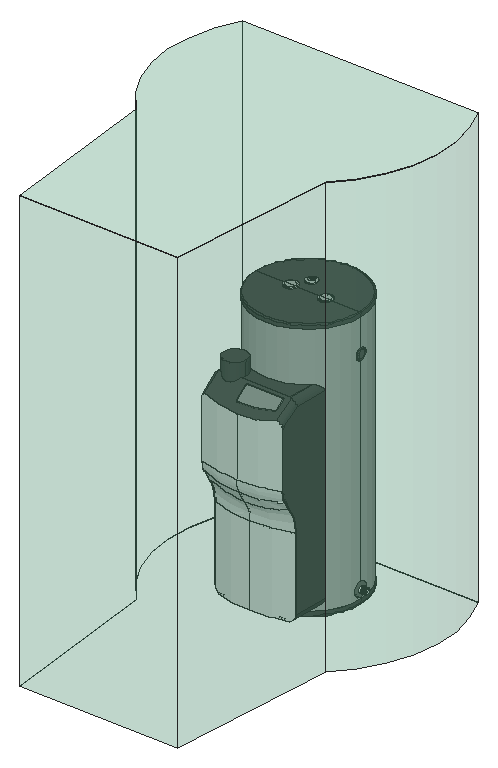
Revit family "Innovo BEFR_IR 32 245 BEFR NAT", category Mechanical Equipment, Revit 2015
Parameters (values of type "IR-32-245 BEFR NAT")
  largeur d'emballage = 786 mm  # constant formula
  l'Intervalle d'Entretien = "12 mois"  # constant formula
  Workspace Radius = Diameter + 170 mm  # 780 mm
  Workspace Height = Hauteur + 1000 mm  # 2545 mm
  Workspace Front Distance = 1000 mm
  Workspace [instance] = yes
  Valve Height 02 = if(and(Hauteur = 1745 mm, Diameter = 675 mm), 1518 mm, if(and(Hauteur = 1745 mm, Diameter = 610 mm), 1534 mm, if(Hauteur = 1545 mm, 1328 mm, 1070 mm)))  # 1328 mm
  Valve Height 01 = if(and(Diameter > 560 mm), 693 mm, 604 mm)  # 693 mm
  Valeur Maximale du Thermostat de Régulation = 85 °C  # constant formula
  Valeur Manimale du Thermostat de Régulation = 40 °C  # constant formula
  Valeur Défaut du Thermostat de Régulation = 65 °C  # constant formula
  URL = "www.aosmith.be"
  Type d'Installation = "B23/C13/C33/C43/C53/C63"  # constant formula
  Type d'emballage = "Carton et bois"  # constant formula
  Tension d'Alimentation (-15%, +10%) = 230 V  # constant formula
  Température Maximale des Fumées = 65 °C
  Temps de réchauffement à ΔT = 70°C = "31"
  Temps de réchauffement à ΔT = 55°C = "24"
  Temps de réchauffement à ΔT = 50°C = "22"
  Temps de réchauffement à ΔT = 44°C = "20"
  Temps de réchauffement à ΔT = 28°C = "13"
  Spécifications du Produit = ""
  Réglages du thermostat du chauffe-eau = 65 °C  # constant formula
  Réglage Standard Pour = "G31"
  Rendement Saisonnier (Hs) = [Rendement (Hs, acc. NEN-EN 89 - 1999)]  # 95
  Rendement (Hs, acc. NEN-EN 89 - 1999) = 95
  Rendement (Hi, acc. NEN-EN 89 - 1999) = 106
  Raccord Évacuation de la Condensation = 40 mm  # constant formula
  Raccord de la Soupape de Vidange = 1"
  Raccord de Sortie d'Eau Chaude = 1"
  Raccord de Gaz = 15"  # constant formula
  Raccord d'Alimentation en Eau Froide = 3/4"  # constant formula
  Raccord Robinet de Vidange = 3/4"  # constant formula
  Puissance Électrique Absorbée (sommet) = 105 W
  Puissance Électrique Absorbée (nominal) = 85 W
  Profondeur d'emballage = 946 mm  # constant formula
  Profondeur = 780 mm  # constant formula
  Profils de soutirage déclaré = "XXL"
  Production Nominale = "30100.0"
  Pression de Fonctionnement Maximale = 800000.0 Pa  # constant formula
  Pression Différentielle d'Ouverture de l'Interrupteur de Pression < = 210.0 Pa
  Pression Amont de Gaz = "3700 Pa"
  Precaustions during assembling, installation or maintenance = "voir Manuel d'installation, d'emploi er d'entretien"  # constant formula
  Poids à vide = 120 kg
  Poids de Transport = 136 kg
  Phase = 1
  Pertes en Veille - tous les jours (24h) = 0 W
  Pertes en Veille = 0 W
  Nombre de modèle du produit (EAN) = "8717449286262"
  Niveau du Son dB (A) = "<45"  # constant formula
  Niveau de puissance acoustique à l'intérieur = "58 dB"
  NOx-émissions mg/kWh = "37"
  NOx-émissions (ven air, 0% O2) ppm = "23"
  Modèdele = "IR-32-245"
  Model = "IR-32-325 FR LP"
  Marque commerciale = "A.O. Smith"  # constant formula
  Manufacturer = "A.O. Smith Water Products Company b.v."  # constant formula
  Largeur = Diameter  # 610 mm
  La commande intelligente = no
  L'efficacité énergétique pour le chauffage de l'eau (2) = "-"
  L'efficacité énergétique pour le chauffage de l'eau (1) = "92%"
  Hauteur du Raccordement au Gaz = 920 mm
  Hauteur de la Sortie d'eau Chaude = 1545 mm
  Hauteur de l'Alimentation en eau Froide = 170 mm
  Hauteur d'emballage = 1695 mm
  Hauteur Conduit d'Évacuation des Fumées = 1345 mm
  Hauteur Conduit d'Alimentation en Air = 1345 mm
  Hauteur = 1545 mm
  Guide de Produit = ""
  Garantie sur la Cuve = "36 mois"  # constant formula
  Garantie Pièces = "12 mois"  # constant formula
  Fréquence secteur = 50 Hz  # constant formula
  Forctionner qu'en heures creuses = no
  Fabricant No. = "E 7110"  # constant formula
  Epaisseur d'Isolation = 44 mm
  Débit de vidage à ΔT = 70°C après 90 min. = 710.0 L
  Débit de vidage à ΔT = 70°C après 60 min. = 520.0 L
  Débit de vidage à ΔT = 70°C après 30 min. = 330.0 L
  Débit de vidage à ΔT = 70°C après 120 min. = 900.0 L
  Débit de vidage à ΔT = 55°C après 90 min. = 930.0 L
  Débit de vidage à ΔT = 55°C après 60 min. = 690.0 L
  Débit de vidage à ΔT = 55°C après 30 min. = 440.0 L
  Débit de vidage à ΔT = 55°C après 120 min. = 1200.0 L
  Débit de vidage à ΔT = 50°C après 90 min. = 1100.0 L
  Débit de vidage à ΔT = 50°C après 60 min. = 760.0 L
  Débit de vidage à ΔT = 50°C après 30 min. = 500.0 L
  Débit de vidage à ΔT = 50°C après 120 min. = 1300.0 L
  Débit de vidage à ΔT = 44°C après 90 min. = 1200.0 L
  Débit de vidage à ΔT = 44°C après 60 min. = 870.0 L
  Débit de vidage à ΔT = 44°C après 30 min. = 570.0 L
  Débit de vidage à ΔT = 44°C après 120 min. = 1500.0 L
  Débit de vidage à ΔT = 28°C après 90 min. = 1900.0 L
  Débit de vidage à ΔT = 28°C après 60 min. = 1400.0 L
  Débit de vidage à ΔT = 28°C après 30 min. = 930.0 L
  Débit de vidage à ΔT = 28°C après 120 min. = 2400.0 L
  Débit de vidage en Continu à ΔT = 70°C = 380.0 L/s
  Débit de vidage en Continu à ΔT = 55°C = 480.0 L/s
  Débit de vidage en Continu à ΔT = 50°C = 530.0 L/s
  Débit de vidage en Continu à ΔT = 44°C = 600.0 L/s
  Débit de vidage en Continu à ΔT = 28°C = 960.0 L/s
  Diamètre Cheminée - Système Parallèle = "2x80"  # constant formula
  Diamètre Cheminée - Système Concentrique = "80/125 mm/mm"  # constant formula
  Diamètre Cheminée - Boiler = "80/125 mm/mm"  # constant formula
  Diameter = 610 mm
  Destination / Country = "Belgique"  # constant formula
  Description = "Préparateur ECS Solaire en Combinaison avec Réservoir de Stockage"  # constant formula
  D'autres profils de soutirage = "-"
  Created By = "http://www.cadcompany.nl/"
  Consommation de Gaz - Volume ltr/hr = "a/p"
  Consommation de Gaz - Masse kg/h = "2.3"
  Class d'efficacité énergétique (2) = "-"
  Class d'efficacité énergétique (1) = "A"  # constant formula
  Charge Nominale (Valeur Supérieure) = "31500.0"
  Charge Nominale (Valeur Inférieure) = "29000.0"
  Charge Maximale au Sol = 381 kg
  Catégorie de Gaz = "I3P"
  Capacité = 245.0 L
  CO2 Émissions (tol. +/- 1.0) vol% = "10.0"
  CE-PIN = "0063CQ3037"  # constant formula
  BIM Content Developer = "CAD & Company"  # constant formula
  Assembly Code = "D3010"
  Annual fuel consumption (2) = "-"
  Annual fuel consumption (1) = "21 GJ GCV"
  Annual electricity consumption (2) = "-"
  Annual electricity consumption (1) = "44 kWh"
  2ème Entretien (Entretien Général) = "12 mois après l'installation"  # constant formula
  1er Entretien (check-up) = "3 mois après l'installation"  # constant formula
Reference planes
  plane 1 "Center (Front/Back)": y = 0
  plane 2: z = 0
  plane 3 "Center (Left/Right)": x = 0
  plane 4 "Pipe": through (-383.901, 912.349, 194.799) normal (-0.0879, -0.0879, 0.9923)
  plane 5 "footing": y = 118.925
  plane 6 "footing front": y = -237.85
  plane 7: x = -305
  plane 8: x = 305
  plane 9: z = 1545
Forms (mm)
  Revolve 1, solid, material "RAL 9005", detail levels medium+fine
    sketch origin (0, -237.85, 0) x (-1, 0, 0) y (0, 0, 1)
      loop
        line (0, 28.9) -> (-15, 28.9) -> (-15, 26.4) -> (-8.671, 26.4) -> (-8.671, 18) -> (-5.686, 18) -> (-6.626, 17.06) -> (-6.626, 12.06) -> (-8.671, 12.06) -> (-8.671, 10) -> (-10.031, 10) -> (-23.271, 5.181)
        arc (-23.271, 5.181) -> (-23.763, 4.836) -> (-24.017, 4.293) r 1.159
        line (-24.017, 4.293) -> (-24.017, 1.03)
        arc (-24.017, 1.03) -> (-23.715, 0.302) -> (-22.986, 0) r 1.03
        line (-22.986, 0) -> (0, 0) -> (0, 28.9)
      axis (0, 28.9) -> (0, 0)
    angle from 0 to 360
  Revolve 2, solid, material "RAL 9005", detail levels medium+fine
    sketch origin (0, 118.925, 0) x (-1, 0, 0) y (0, 0, 1)
      loop
        line (-205.984, 28.9) -> (-220.984, 28.9) -> (-220.984, 26.4) -> (-214.655, 26.4) -> (-214.655, 18) -> (-211.67, 18) -> (-212.61, 17.06) -> (-212.61, 12.06) -> (-214.655, 12.06) -> (-214.655, 10) -> (-216.015, 10) -> (-229.256, 5.181)
        arc (-229.256, 5.181) -> (-229.747, 4.836) -> (-230.001, 4.293) r 1.159
        line (-230.001, 4.293) -> (-230.001, 1.03)
        arc (-230.001, 1.03) -> (-229.699, 0.302) -> (-228.971, 0) r 1.03
        line (-228.971, 0) -> (-205.984, 0) -> (-205.984, 28.9)
      axis (-205.984, 28.9) -> (-205.984, 0)
    angle from 0 to 360
  Revolve 3, solid, material "RAL 9005", detail levels medium+fine
    sketch origin (0, 118.925, 0) x (-1, 0, 0) y (0, 0, 1)
      loop
        line (204.016, 28.9) -> (189.016, 28.9) -> (189.016, 26.4) -> (195.345, 26.4) -> (195.345, 18) -> (198.33, 18) -> (197.39, 17.06) -> (197.39, 12.06) -> (195.345, 12.06) -> (195.345, 10) -> (193.985, 10) -> (180.744, 5.181)
        arc (180.744, 5.181) -> (180.253, 4.836) -> (179.999, 4.293) r 1.159
        line (179.999, 4.293) -> (179.999, 1.03)
        arc (179.999, 1.03) -> (180.301, 0.302) -> (181.029, 0) r 1.03
        line (181.029, 0) -> (204.016, 0) -> (204.016, 28.9)
      axis (204.016, 28.9) -> (204.016, 0)
    angle from 0 to 360
Lines and regions (mm)
  symbolic lines
    curve 1: line (0, 280.06, 0) -> (0, -280.06, 0)
    curve 2: line (-280.06, 0, 0) -> (280.06, 0, 0)
  symbolic lines, style "Workspace"
    curve 3: line (681.142, 380.06, 0) -> (-681.142, 380.06, 0)
    curve 4: arc (-681.142, 380.06, 0) -> (-777.325, -64.546, 0) -> (-609.127, -487.2, 0) r 780
    curve 5: line (-609.127, -487.2, 0) -> (-421.783, -1517.825, 0)
    curve 6: line (-421.783, -1517.825, 0) -> (424.03, -1517.825, 0)
    curve 7: line (424.03, -1517.825, 0) -> (611.027, -484.816, 0)
    curve 8: arc (611.027, -484.816, 0) -> (777.449, -63.027, 0) -> (681.142, 380.06, 0) r 780
Dimensions and locks
  plane 5 "footing" to plane 1 "Center (Front/Back)" = 118.925 mm
  plane 1 "Center (Front/Back)" to plane 6 "footing front" = 237.85 mm
  "Diameter": plane 7 to plane 8
  equal spacing: plane 7, plane 3 "Center (Left/Right)", plane 8
  "Hauteur": plane 9 to plane 2
  "Workspace Front Distance": curve 6 to nested 3
  "Workspace Radius": radius of curve 4
  "Workspace Radius": radius of curve 8
  aligned and locked: level to plane 2
  aligned and locked: nested 3 to Revolve 1 sketch curve
  aligned and locked: plane 3 "Center (Left/Right)" to Revolve 1 sketch curve
  aligned and locked: nested 3 to plane 1 "Center (Front/Back)"
  aligned and locked: plane 3 "Center (Left/Right)" to nested 3
  aligned and locked: nested 1 to plane 8
  aligned and locked: nested 5 to plane 8
  aligned and locked: nested 2 to plane 7
  aligned and locked: nested 4 to plane 7
  aligned and locked: nested 7 to plane 7
  aligned and locked: nested 8 to plane 3 "Center (Left/Right)"
  aligned and locked: plane 1 "Center (Front/Back)" to nested 8
  aligned and locked: nested 8 to nested 3
  aligned and locked: curve 3 to nested 8
Automatic sketch dimensions
  Revolve 1 sketch curve to level = 0 mm
  plane 3 "Center (Left/Right)" to Revolve 1 sketch curve = 5.686 mm
  Revolve 1 sketch curve to Revolve 1 sketch curve = 0.94 mm  (x2)
  Revolve 1 sketch curve to Revolve 1 sketch curve = 2.046 mm  (x2)
  Revolve 1 sketch curve to Revolve 1 sketch curve = 1.359 mm
  Revolve 1 sketch curve to Revolve 1 sketch curve = 6.329 mm
  level to Revolve 1 sketch curve = 4.091 mm
  Revolve 1 sketch curve to Revolve 1 sketch curve = 12.844 mm
  level to Revolve 1 sketch curve = 1.03 mm
  Revolve 1 sketch curve to Revolve 1 sketch curve = 0.111 mm
  level to Revolve 1 sketch curve = 5.181 mm
  Revolve 1 sketch curve to Revolve 1 sketch curve = 0.745 mm
  level to Revolve 1 sketch curve = 10 mm
  Revolve 1 sketch curve to Revolve 1 sketch curve = 2.06 mm
  Revolve 1 sketch curve to Revolve 1 sketch curve = 5 mm
  Revolve 1 sketch curve to Revolve 1 sketch curve = 8.4 mm
  Revolve 1 sketch curve to Revolve 1 sketch curve = 2.5 mm
  Revolve 1 sketch curve to level = 19.635 mm
  Revolve 1 sketch curve to Revolve 1 sketch curve = 46.465 mm
  Revolve 2 sketch curve to level = 0 mm
  level to Revolve 2 sketch curve = 1.03 mm
  Revolve 2 sketch curve to plane 8 = 74.999 mm
  level to Revolve 2 sketch curve = 5.181 mm
  Revolve 2 sketch curve to Revolve 2 sketch curve = 0.745 mm
  Revolve 2 sketch curve to Revolve 2 sketch curve = 0.397 mm
  Revolve 2 sketch curve to Revolve 2 sketch curve = 8.271 mm
  Revolve 2 sketch curve to Revolve 2 sketch curve = 13.241 mm
  Revolve 2 sketch curve to Revolve 2 sketch curve = 1.359 mm
  Revolve 2 sketch curve to Revolve 2 sketch curve = 6.329 mm
  Revolve 2 sketch curve to Revolve 2 sketch curve = 2.046 mm
  level to Revolve 2 sketch curve = 18 mm
  Revolve 2 sketch curve to Revolve 2 sketch curve = 0.94 mm  (x2)
  Revolve 2 sketch curve to Revolve 2 sketch curve = 8.671 mm
  Revolve 2 sketch curve to Revolve 2 sketch curve = 1.089 mm
  Revolve 2 sketch curve to Revolve 2 sketch curve = 8 mm
  Revolve 2 sketch curve to Revolve 2 sketch curve = 2.06 mm
  Revolve 2 sketch curve to Revolve 2 sketch curve = 8.4 mm
  Revolve 2 sketch curve to Revolve 2 sketch curve = 2.5 mm
  Revolve 2 sketch curve to Revolve 2 sketch curve = 0 mm
  Revolve 2 sketch curve to level = 19.635 mm
  Revolve 2 sketch curve to Revolve 2 sketch curve = 46.465 mm
  Revolve 3 sketch curve to level = 0 mm
  level to Revolve 3 sketch curve = 1.03 mm
  Revolve 3 sketch curve to plane 7 = 125.001 mm
  level to Revolve 3 sketch curve = 5.181 mm
  Revolve 3 sketch curve to Revolve 3 sketch curve = 0.745 mm
  Revolve 3 sketch curve to Revolve 3 sketch curve = 0.397 mm
  Revolve 3 sketch curve to Revolve 3 sketch curve = 8.271 mm
  Revolve 3 sketch curve to Revolve 3 sketch curve = 13.241 mm
  Revolve 3 sketch curve to Revolve 3 sketch curve = 1.359 mm
  Revolve 3 sketch curve to Revolve 3 sketch curve = 6.329 mm
  Revolve 3 sketch curve to Revolve 3 sketch curve = 2.046 mm
  level to Revolve 3 sketch curve = 18 mm
  Revolve 3 sketch curve to Revolve 3 sketch curve = 0.94 mm  (x2)
  Revolve 3 sketch curve to Revolve 3 sketch curve = 8.671 mm
  Revolve 3 sketch curve to Revolve 3 sketch curve = 1.089 mm
  Revolve 3 sketch curve to Revolve 3 sketch curve = 8 mm
  Revolve 3 sketch curve to Revolve 3 sketch curve = 2.06 mm
  Revolve 3 sketch curve to Revolve 3 sketch curve = 8.4 mm
  Revolve 3 sketch curve to Revolve 3 sketch curve = 2.5 mm
  Revolve 3 sketch curve to Revolve 3 sketch curve = 0 mm
  Revolve 3 sketch curve to level = 19.635 mm
  Revolve 3 sketch curve to Revolve 3 sketch curve = 46.465 mm
  curve 4 to curve 8 = 0 mm  (x2)
  plane 1 "Center (Front/Back)" to curve 2 = 0 mm
  curve 1 to plane 3 "Center (Left/Right)" = 0 mm
  plane 1 "Center (Front/Back)" to curve 4 = 0 mm
  curve 4 to plane 3 "Center (Left/Right)" = 0 mm
  curve 5 to plane 6 "footing front" = 249.35 mm
  plane 7 to curve 5 = 116.783 mm
  plane 8 to curve 7 = 119.03 mm
  curve 7 to plane 6 "footing front" = 246.966 mm
  curve 2 to plane 7 = 24.94 mm
  curve 2 to plane 8 = 24.94 mm
  curve 1 to plane 6 "footing front" = 42.21 mm
  plane 5 "footing" to curve 1 = 161.135 mm
Nested families
  nested 1: "Valve" at (305, -0.38, 1328) x (0, 1, 0) z (0, 0, 1), built-in parameter 1001364 <- "Valve Height 02", type "Valve"
  nested 2: "Drain Valve" at (-305, 0, 1328), built-in parameter 1001364 <- "Valve Height 02", type "Drain Valve"
  nested 3: "Housing Mother Housing S 57 (external)" at (0, -299.886, 0), type "Housing Mother_Housing S_57"
    with radius 305 mm, distance to boiler center 154 mm, diameter 610 mm
  nested 4: "Drain Valve" at (-305, 0, 177), type "Drain Valve"
  nested 5: "Drain Valve" at (305, 0, 107) x (-1, 0, 0) z (0, 0, 1), type "Drain Valve"
  nested 6: "Boiler" at (0, 0, 0), height <- "Hauteur", type "Boiler"
    with height 1545 mm, radius 305 mm, Diameter 610 mm
  nested 7: "Drain Valve" at (-305, 0, 693), built-in parameter 1001364 <- "Valve Height 01", type "Drain Valve"
  nested 8: "Innovo_workspace" at (0, 0, 0), Workspace <- "Workspace", Workspace Distance Front <- "Workspace Front Distance", Workspace Height <- "Workspace Height", Workspace Radius <- "Workspace Radius", type "Workspace"
    with Workspace Radius 780 mm, Workspace Height 2545 mm, Workspace Distance Front 1000 mm, Workspace yes, Center to Front 517.825 mm
Connectors
  piping at (339.826, 0, 107), diameter 19.05, driven by "Raccord Robinet de Vidange"
    settings: on nested 5, index 1, connector inside diameter 24", connector length 0 mm, flow factor 0, pipe flow 0.0 L/s, pressure drop 0.0 Pa, fitting loss kfactor 0, connector angle 0.00°, fixture units 0, engagement length 0 mm, angle of deflection 0.00°, flow configuration 0, flow direction 0, fitting loss method 0, system type 19, joint type 0, gender type 0, connector reference index -1, connector utility 0, adjustable connector no, is connector primary yes, connector description ""
  hvac at (-147.013, -346.326, 1310.674)
    settings: on nested 3, index 2, duct flow 0.0 L/s, flow factor 0, pres drop 0.0 Pa, loss coef 0, conn angle 0.00°, conn width 304.8 mm, conn height 304.8 mm, conn diameter 125 mm, duct sys type 4, conn prof type 0, flow config 0, flow direction 0, loss method 0, conn ref index -1, conn util no, is conn primary yes, conn desc ""
Definition of nested family "Valve"
  Parameters (values of type "Valve")
    Type Comments = "T&P valve (internal)"
    Manufacturer = "A.O. Smith"
  Reference planes
    plane 1 "Center (Front/Back)": y = 0
    plane 2: z = 0
    plane 3 "Center (Left/Right)": x = 0
  Forms (mm)
    Extrusion 1, solid, detail levels fine
      sketch origin (0, 0, 0) x (1, 0, 0) y (0, 0, 1)
        loop
          circle (0, 0) r 31.5
      from -2.271 to 1.4
    Sweep 2, solid, detail levels fine
      path origin (0, -1.4, 0) x (1, 0, 0) y (0, 0, 1)
        loop
          circle (0, 0) r 31.5
      profile origin (0, -1.4, 31.5) x (0, 0, -1) y (0, -1, 0)
        loop
          line (7.3, 0) -> (7.3, 3) -> (0, 0) -> (7.3, 0)
  Dimensions and locks
    aligned and locked: level to plane 2
Definition of nested family "Drain Valve"
  Reference planes
    plane 1 "Center (Front/Back)": y = 0
    plane 2: z = 0
    plane 3 "Center (Left/Right)": x = 0
  Forms (mm)
    Revolve 1, solid, detail levels medium+fine
      sketch origin (0, 0, 0) x (1, 0, 0) y (0, 0, 1)
        loop
          line (-33.442, 15.696) -> (-34.826, 14.329) -> (-34.93, 12.731) -> (-16.555, 12.731) -> (-16.555, 0) -> (15.787, 0) -> (15.787, 18.3) -> (-14.4, 18.3) -> (-17.148, 15.533) -> (-18.729, 16.697) -> (-20.091, 15.333) -> (-21.672, 16.496) -> (-23.034, 15.133) -> (-24.614, 16.296) -> (-25.976, 14.932) -> (-27.557, 16.096) -> (-28.919, 14.732) -> (-30.5, 15.896) -> (-31.862, 14.532) -> (-33.442, 15.696)
        axis (-34.93, 0) -> (15.787, 0)
      angle from 0 to 360
  Dimensions and locks
    aligned and locked: level to plane 2
  Nested families
    nested 1: "Rubber sealing" at (2.592, -0.155, 0) x (0.0023, -1, 0) z (0, 0, 1), type "Rubber sealing", detail levels fine
  Definition of nested family "Rubber sealing"
    Reference planes
      plane 1 "Center (Front/Back)": y = 0
      plane 2: z = 0
      plane 3 "Center (Left/Right)": x = 0
    Forms (mm)
      Extrusion 1, solid, detail levels fine
        sketch origin (141.861, 319.581, 0) x (1, 0, 0) y (0, 1, 0)
          loop
            line (-216.354, -311.898) -> (-216.354, -313.94)
            arc (-216.354, -313.94) -> (-141.602, -321.581) -> (-66.861, -313.835) r 366.966
            line (-66.861, -313.835) -> (-66.861, -311.791)
            arc (-66.861, -311.791) -> (-141.602, -319.581) -> (-216.354, -311.898) r 364.966
        from -80 to 80
      Extrusion 2, void
        sketch origin (141.861, 319.581, 0) x (1, 0, 0) y (0, 0, 1)
          loop
            circle (-141.861, 0) r 13
          loop
            circle (-141.861, 0) r 110
          loop
            circle (-141.861, 0) r 40
        from 311.563 to 332.684
      Extrusion 3, void
        sketch origin (141.861, 319.581, 0) x (1, 0, 0) y (0, 0, 1)
          loop
            circle (-141.861, 0) r 18.25
        from 315.524 to 326.084
    Cuts and joins
      Extrusion 2, Extrusion 3 cuts Extrusion 1
    Dimensions and locks
      aligned and locked: level to plane 2
Definition of nested family "Housing Mother Housing S 57 (external)"
  Parameters (values of type "Housing Mother_Housing S_57")
    radius [instance] = 280 mm
    distance to boiler center = if(diameter = 675 mm, 189 mm, if(diameter = 610 mm, 154 mm, 129 mm))  # 129 mm
    diameter = 560 mm
  Reference planes
    plane 1 "Center (Front/Back)": y = 0
    plane 2: z = 0
    plane 3 "Center (Left/Right)": x = 0
    plane 4 "left": through (-245.286, 145.886, 1200) normal (0.9994, 0.0349, 0)
    plane 5: y = -217.939
    plane 6: y = 145.886
    plane 7: z = 1232.6
    plane 8: z = 65.89
    plane 9 "right": through (245.286, 145.886, 1200) normal (0.9994, -0.0349, 0)
    plane 10 "display": through (0, -90.37, 1221.196) normal (0, -0.5736, 0.8192)
    plane 11 "Potentiostat": z = 867.899
    plane 12 "boiler center": y = 274.886
    plane 13: x = -280
    plane 14: x = 280
  Forms (mm)
    Extrusion 1, solid
      sketch origin (0, 0, 0) x (1, 0, 0) y (0, 1, 0)
        loop
          line (-245.286, 145.886) -> (-232.581, -217.939) -> (232.581, -217.939) -> (245.286, 145.886)
          arc (245.286, 145.886) -> (0, 0.923) -> (-245.286, 145.886) r 280
      from 0 to 1232.6
    Sweep 2, void
      path origin (0, 0, 0) x (0, 1, 0) y (0, 0, 1)
        loop
          line (-217.939, 1232.6) -> (-217.939, 795.555)
          arc (-217.939, 795.555) -> (-212.387, 754.285) -> (-197.694, 715.322) r 183.924
          arc (-197.694, 715.322) -> (-179.915, 684.628) -> (-159.106, 655.901) r 348.284
          arc (-159.106, 655.901) -> (-131.411, 600.328) -> (-121.88, 538.973) r 202.254
          line (-121.88, 538.973) -> (-121.88, 61.106)
      profile origin (0, -217.939, 1014.077) x (1, 0, 0) y (0, 1, 0)
        loop
          arc (0, 0) -> (-117.533, 9.941) -> (-231.728, 39.475) r 699.984
          arc (-231.728, 39.475) -> (-233.391, 40.705) -> (-234.07, 42.659) r 3.505
          line (-234.07, 42.659) -> (-254.062, 42.659) -> (-254.062, -142.593) -> (254.07, -142.593) -> (254.07, 42.659) -> (234.07, 42.659)
          arc (234.07, 42.659) -> (233.391, 40.705) -> (231.728, 39.475) r 3.505
          arc (231.728, 39.475) -> (117.533, 9.941) -> (0, 0) r 699.984
    Extrusion 3, void
      sketch origin (0, 0, 0) x (0, 1, 0) y (0, 0, 1)
        loop
          arc (102.864, 70.869) -> (99.804, 70.709) -> (96.874, 69.813) r 12.57
          arc (96.874, 69.813) -> (87.878, 66.533) -> (78.516, 64.529) r 69.114
          arc (78.516, 64.529) -> (76.41, 64.284) -> (74.294, 64.148) r 41.206
          arc (74.294, 64.148) -> (65.203, 64.335) -> (56.122, 64.782) r 318.661
          arc (56.122, 64.782) -> (30.585, 66.179) -> (5.028, 67.128) r 1456.581
          line (5.028, 67.128) -> (-84.534, 73.135)
          arc (-84.534, 73.135) -> (-86.363, 73.808) -> (-87.536, 75.365) r 3.455
          line (-87.536, 75.365) -> (-264.473, 75.365) -> (-264.473, 0) -> (160.886, 0) -> (160.886, 103.945) -> (145.886, 103.945)
          arc (145.886, 103.945) -> (145.104, 97.827) -> (142.923, 92.059) r 26.364
          arc (142.923, 92.059) -> (141.067, 88.936) -> (138.867, 86.045) r 31.715
          arc (138.867, 86.045) -> (135.576, 82.49) -> (132.021, 79.2) r 62.615
          arc (132.021, 79.2) -> (125.841, 74.697) -> (119.091, 71.103) r 54.444
          arc (119.091, 71.103) -> (116.371, 70.272) -> (113.531, 70.123) r 11.669
          line (113.531, 70.123) -> (102.864, 70.869)
      from -254.062 to 254.07
    Sweep 4, void
      path origin (0, 0, 0) x (1, 0, 0) y (0, 1, 0)
        loop
          line (-245.286, 145.886) -> (-232.581, -217.939)
      profile origin (-238.933, -36.027, 0) x (0.999391, 0.034899, 0) y (0, 0, 1)
        loop
          line (-4.454, 0) -> (47.084, 0) -> (47.084, 73.431)
          arc (47.084, 73.431) -> (14.222, 85.134) -> (0.255, 117.1) r 43.922
          line (0.255, 117.1) -> (-4.454, 117.1) -> (-4.454, 0)
    Sweep 5, void
      path origin (0, 0, 0) x (-1, 0, 0) y (0, 1, 0)
        loop
          line (-245.286, 145.886) -> (-232.581, -217.939)
      profile origin (238.933, -36.027, 0) x (0.999391, -0.034899, 0) y (0, 0, 1)
        loop
          line (4.454, 0) -> (4.454, 117.1) -> (-0.255, 117.1)
          arc (-0.255, 117.1) -> (-14.222, 85.134) -> (-47.084, 73.431) r 43.922
          line (-47.084, 73.431) -> (-47.084, 0) -> (4.454, 0)
    Sweep 6, void
      path origin (-239.899, -8.377, 0) x (-0.034899, 0.999391, 0) y (0, 0, 1)
        loop
          line (-209.69, 1141.272) -> (-79.18, 1232.6) -> (154.358, 1232.6)
      profile origin (-241.211, 29.188, 1232.6) x (0, 0, 1) y (0.999391, 0.034899, 0)
        loop
          line (-45, -30) -> (75, -30) -> (75, 0) -> (75, 55) -> (2.799, 55) -> (-1.253, 35.128)
          arc (-1.253, 35.128) -> (-16.771, 9.564) -> (-45, -0.308) r 44.287
          line (-45, -0.308) -> (-45, -30)
    Sweep 7, void
      path origin (239.899, -8.377, 0) x (0.034899, 0.999391, 0) y (0, 0, 1)
        loop
          line (-209.69, 1141.272) -> (-79.18, 1232.6) -> (154.358, 1232.6)
      profile origin (241.211, 29.188, 1232.6) x (0, 0, -1) y (-0.999391, 0.034899, 0)
        loop
          line (-75, -25) -> (45, -25) -> (45, -0.308)
          arc (45, -0.308) -> (16.771, 9.564) -> (1.253, 35.128) r 44.287
          line (1.253, 35.128) -> (-2.799, 55) -> (-75, 55) -> (-75, -25)
    Extrusion 8, void
      sketch origin (0, 0, 0) x (0, 1, 0) y (0, 0, 1)
        loop
          line (-270, 1336.099) -> (-270, 1099.081) -> (68.497, 1336.099) -> (-270, 1336.099)
      from -425.038 to 444.42
    Extrusion 9, solid, detail levels medium+fine
      sketch origin (0, 0, 0) x (1, 0, 0) y (0, 1, 0)
        loop
          circle (-147.013, -46.44) r 65
      from 1163.174 to 1310.674
    Extrusion 10, void
      sketch origin (0, -603.506, 861.895) x (0, 0.819152, 0.573576) y (-1, 0, 0)
        loop
          arc (618.322, -173) -> (623.272, -170.95) -> (625.322, -166) r 7
          line (625.322, -166) -> (625.322, 35)
          arc (625.322, 35) -> (623.272, 39.95) -> (618.322, 42) r 7
          line (618.322, 42) -> (535.473, 42)
          arc (535.473, 42) -> (530.688, 40.11) -> (528.488, 35.46) r 7
          arc (528.488, 35.46) -> (531.569, -67.592) -> (554.18, -168.18) r 540
          arc (554.18, -168.18) -> (556.724, -171.668) -> (560.831, -173) r 7
          line (560.831, -173) -> (618.322, -173)
      from 0 to 137.286
    Sweep 11, solid, detail levels fine
      path origin (0, 0, 867.899) x (-1, 0, 0) y (0, -1, 0)
        loop
          line (309.749, -35.617) -> (204.371, -35.617)
          arc (204.371, -35.617) -> (196.509, -34.687) -> (189.082, -31.947) r 33.677
          line (189.082, -31.947) -> (-9.574, 69.274)
      profile origin (-257.06, 35.617, 867.899) x (0, 1, 0) y (0, 0, 1)
        loop
          circle (0, 0) r 7.316
        loop
          circle (0, 0) r 6.465
    Revolve 12, void
      sketch origin (0, 274.886, 0) x (-1, 0, 0) y (0, 0, 1)
        loop
          line (280, 1243.838) -> (0, 1243.838) -> (0, 54.9) -> (280, 54.9) -> (280, 1243.838)
        axis (0, 1243.838) -> (0, 54.9)
      angle from 0 to 360
  Cuts and joins
    Sweep 2, Extrusion 3, Sweep 4, Sweep 5, Sweep 6, Sweep 7, Extrusion 8, Extrusion 10, Revolve 12 cuts Extrusion 1
  Dimensions and locks
    plane 8 to plane 2 = 65.89 mm
    plane 7 to plane 8 = 1166.71 mm
    "distance to boiler center": plane 12 "boiler center" to plane 6
    "diameter": plane 14 to plane 13
    equal spacing: plane 14, plane 3 "Center (Left/Right)", plane 13
    "radius": plane 3 "Center (Left/Right)" to plane 13
    aligned and locked: level to plane 2
    aligned and locked: Extrusion 1 to plane 7
    aligned and locked: Extrusion 1 sketch curve to plane 5
    aligned and locked: Sweep 2 to Extrusion 3
    aligned and locked: Extrusion 3 to Sweep 2  (x2)
    aligned and locked: plane 7 to Sweep 2 sketch curve
    aligned and locked: plane 3 "Center (Left/Right)" to Revolve 12 sketch curve
    aligned and locked: Revolve 12 sketch curve to plane 3 "Center (Left/Right)"
    aligned and locked: plane 13 to Revolve 12 sketch curve
  Automatic sketch dimensions
    Extrusion 1 sketch curve to plane 4 "left" = 0 mm  (x2)
    Extrusion 1 sketch curve to plane 6 = 0 mm  (x2)
    Extrusion 1 sketch curve to plane 3 "Center (Left/Right)" = 0 mm
    Extrusion 1 sketch curve to plane 9 "right" = 0 mm
    plane 6 to Extrusion 1 sketch curve = 135.037 mm
    Sweep 2 sketch curve to plane 5 = 0 mm
    plane 5 to Sweep 2 sketch curve = 106.195 mm
    Sweep 2 sketch curve to plane 5 = 96.059 mm
    plane 1 "Center (Front/Back)" to Sweep 2 sketch curve = 34.053 mm
    plane 11 "Potentiostat" to Sweep 2 sketch curve = 6.417 mm
    Sweep 2 sketch curve to plane 6 = 33.705 mm
    Sweep 2 sketch curve to plane 11 "Potentiostat" = 68.615 mm
    Sweep 2 sketch curve to plane 11 "Potentiostat" = 72.345 mm
    Sweep 2 sketch curve to Sweep 2 sketch curve = 176.349 mm
    Sweep 2 sketch curve to Sweep 2 sketch curve = 0 mm  (x2)
    plane 8 to Sweep 2 sketch curve = 4.784 mm
    Extrusion 3 sketch curve to level = 0 mm
    Extrusion 3 sketch curve to plane 6 = 0 mm
    Extrusion 3 sketch curve to plane 6 = 26.363 mm
    Extrusion 3 sketch curve to Extrusion 3 sketch curve = 4.75 mm
    Extrusion 3 sketch curve to Extrusion 3 sketch curve = 5.179 mm
    Extrusion 3 sketch curve to plane 8 = 4.232 mm
    Extrusion 3 sketch curve to Extrusion 3 sketch curve = 0.814 mm
    Extrusion 3 sketch curve to plane 8 = 4.978 mm
    Extrusion 3 sketch curve to Extrusion 3 sketch curve = 10.667 mm
    Extrusion 3 sketch curve to Extrusion 3 sketch curve = 0.877 mm
    Extrusion 3 sketch curve to Extrusion 3 sketch curve = 17.827 mm
    Extrusion 3 sketch curve to Extrusion 3 sketch curve = 5.646 mm
    Extrusion 3 sketch curve to plane 6 = 69.562 mm
    Extrusion 3 sketch curve to Extrusion 3 sketch curve = 18.6 mm
    Extrusion 3 sketch curve to Extrusion 3 sketch curve = 22.538 mm
    Extrusion 3 sketch curve to plane 8 = 1.238 mm
    Extrusion 3 sketch curve to plane 1 "Center (Front/Back)" = 5.028 mm
    plane 1 "Center (Front/Back)" to Extrusion 3 sketch curve = 36.224 mm
    Extrusion 3 sketch curve to plane 8 = 10.692 mm
    plane 1 "Center (Front/Back)" to Extrusion 3 sketch curve = 84.302 mm
    Extrusion 3 sketch curve to plane 8 = 7.244 mm
    Extrusion 3 sketch curve to Extrusion 3 sketch curve = 0.231 mm
    Extrusion 3 sketch curve to Extrusion 3 sketch curve = 3.234 mm
    plane 5 to Extrusion 3 sketch curve = 46.534 mm
    plane 6 to Extrusion 3 sketch curve = 15 mm
    Extrusion 3 sketch curve to level = 1388.869 mm
    plane 8 to Extrusion 3 sketch curve = 7.561 mm
    Extrusion 3 sketch curve to Extrusion 3 sketch curve = 11.64 mm
    Extrusion 3 sketch curve to plane 8 = 38.054 mm
    Extrusion 3 sketch curve to Extrusion 3 sketch curve = 22.442 mm
    Extrusion 3 sketch curve to plane 8 = 39.432 mm
    Extrusion 3 sketch curve to Extrusion 3 sketch curve = 2.466 mm
    Extrusion 3 sketch curve to Extrusion 3 sketch curve = 14.17 mm
    Extrusion 3 sketch curve to Extrusion 3 sketch curve = 5.925 mm
    Extrusion 3 sketch curve to Extrusion 3 sketch curve = 6.186 mm
    Extrusion 3 sketch curve to Extrusion 3 sketch curve = 249.85 mm
    Extrusion 3 sketch curve to Extrusion 3 sketch curve = 0 mm  (x4)
    Extrusion 3 sketch curve to Extrusion 3 sketch curve = 6.845 mm
    plane 8 to Extrusion 3 sketch curve = 1.743 mm
    Sweep 4 sketch curve to plane 4 "left" = 0 mm  (x2)
    Sweep 4 sketch curve to plane 6 = 0 mm
    plane 5 to Sweep 4 sketch curve = 0 mm
    Sweep 4 sketch curve to level = 0 mm
    profile plane to Sweep 4 sketch curve = 4.454 mm
    Sweep 4 sketch curve to profile plane = 0.255 mm
    Sweep 4 sketch curve to Sweep 4 sketch curve = 43.922 mm
    Sweep 4 sketch curve to profile plane = 47.084 mm
    level to Sweep 4 sketch curve = 73.431 mm
    Sweep 4 sketch curve to Sweep 4 sketch curve = 43.669 mm
    Sweep 5 sketch curve to plane 6 = 0 mm
    Sweep 5 sketch curve to plane 9 "right" = 0 mm  (x2)
    plane 5 to Sweep 5 sketch curve = 0 mm
    Sweep 5 sketch curve to level = 0 mm
    profile plane to Sweep 5 sketch curve = 47.084 mm
    Sweep 5 sketch curve to Sweep 5 sketch curve = 2.907 mm
    profile plane to Sweep 5 sketch curve = 0.255 mm
    Sweep 5 sketch curve to profile plane = 4.454 mm
    level to Sweep 5 sketch curve = 73.431 mm
    Sweep 5 sketch curve to Sweep 5 sketch curve = 43.669 mm
    Sweep 6 sketch curve to plane 7 = 0 mm
    plane 7 to Sweep 6 sketch curve = 91.328 mm
    Sweep 6 sketch curve to Sweep 6 sketch curve = 130.509 mm
    Sweep 6 sketch curve to Sweep 6 sketch curve = 233.538 mm
    Sweep 6 sketch curve to plane 4 "left" = 0 mm
    profile plane to Sweep 6 sketch curve = 45 mm
    Sweep 6 sketch curve to Sweep 6 sketch curve = 0.354 mm
    profile plane to Sweep 6 sketch curve = 1.253 mm
    Sweep 6 sketch curve to profile plane = 2.799 mm
    Sweep 6 sketch curve to Sweep 6 sketch curve = 72.201 mm
    Sweep 6 sketch curve to plane 4 "left" = 0.308 mm
    Sweep 6 sketch curve to Sweep 6 sketch curve = 29.692 mm
    plane 4 "left" to Sweep 6 sketch curve = 35.128 mm
    plane 4 "left" to Sweep 6 sketch curve = 55 mm
    Sweep 7 sketch curve to plane 7 = 0 mm
    Sweep 7 sketch curve to plane 7 = 91.328 mm
    Sweep 7 sketch curve to Sweep 7 sketch curve = 130.509 mm
    Sweep 7 sketch curve to Sweep 7 sketch curve = 233.538 mm
    Sweep 7 sketch curve to plane 9 "right" = 25 mm
    profile plane to Sweep 7 sketch curve = 75 mm
    profile plane to Sweep 7 sketch curve = 2.799 mm
    Sweep 7 sketch curve to profile plane = 1.253 mm
    Sweep 7 sketch curve to Sweep 7 sketch curve = 43.393 mm
    Sweep 7 sketch curve to profile plane = 45 mm
    Sweep 7 sketch curve to plane 9 "right" = 0.308 mm
    plane 9 "right" to Sweep 7 sketch curve = 35.128 mm
    Sweep 7 sketch curve to Sweep 7 sketch curve = 19.872 mm
    plane 5 to Extrusion 8 sketch curve = 52.061 mm
    Extrusion 8 sketch curve to plane 1 "Center (Front/Back)" = 68.497 mm
    plane 7 to Extrusion 8 sketch curve = 133.519 mm
    Extrusion 8 sketch curve to plane 7 = 103.499 mm
    plane 1 "Center (Front/Back)" to Extrusion 9 sketch curve = 46.44 mm
    Extrusion 9 sketch curve to plane 3 "Center (Left/Right)" = 147.013 mm
    Extrusion 10 sketch curve to plane 3 "Center (Left/Right)" = 0 mm
    Extrusion 10 sketch curve to plane 3 "Center (Left/Right)" = 35 mm
    Extrusion 10 sketch curve to Extrusion 10 sketch curve = 25.359 mm
    Extrusion 10 sketch curve to Extrusion 10 sketch curve = 57.491 mm
    Extrusion 10 sketch curve to plane 3 "Center (Left/Right)" = 42 mm
    Extrusion 10 sketch curve to Extrusion 10 sketch curve = 82.85 mm
    Extrusion 10 sketch curve to Extrusion 10 sketch curve = 7 mm
    Extrusion 10 sketch curve to Extrusion 10 sketch curve = 442 mm
    plane 3 "Center (Left/Right)" to Extrusion 10 sketch curve = 166 mm
    Extrusion 10 sketch curve to Extrusion 10 sketch curve = 0 mm  (x2)
    Sweep 11 sketch curve to plane 1 "Center (Front/Back)" = 31.947 mm
    Sweep 11 sketch curve to plane 3 "Center (Left/Right)" = 189.082 mm
    Sweep 11 sketch curve to plane 1 "Center (Front/Back)" = 1.94 mm
    Sweep 11 sketch curve to Sweep 11 sketch curve = 15.289 mm
    plane 3 "Center (Left/Right)" to Sweep 11 sketch curve = 9.574 mm
    Sweep 11 sketch curve to Sweep 11 sketch curve = 105.378 mm
    plane 1 "Center (Front/Back)" to Sweep 11 sketch curve = 69.274 mm
    Sweep 11 sketch curve to Sweep 11 sketch curve = 0 mm  (x2)
    Sweep 11 sketch curve to plane 11 "Potentiostat" = 0 mm
    Sweep 11 sketch curve to profile plane = 0 mm
    plane 8 to Revolve 12 sketch curve = 10.99 mm
    Revolve 12 sketch curve to plane 7 = 11.238 mm
    Revolve 12 sketch curve to level = 366.045 mm
    Revolve 12 sketch curve to Revolve 12 sketch curve = 971.917 mm
    Sweep 2 sketch curve to plane 3 "Center (Left/Right)" = 0 mm
    profile plane to Sweep 2 sketch curve = 0 mm
    Sweep 2 sketch curve to plane 3 "Center (Left/Right)" = 0.016 mm
    Sweep 2 sketch curve to profile plane = 42.782 mm  (x2)
    Sweep 2 sketch curve to plane 3 "Center (Left/Right)" = 230.568 mm
    plane 3 "Center (Left/Right)" to Sweep 2 sketch curve = 0.016 mm
    plane 3 "Center (Left/Right)" to Sweep 2 sketch curve = 230.568 mm
    Sweep 2 sketch curve to Sweep 2 sketch curve = 3.502 mm  (x2)
    Sweep 2 sketch curve to Sweep 2 sketch curve = 20 mm
    profile plane to Sweep 2 sketch curve = 142.593 mm
    Sweep 2 sketch curve to Sweep 2 sketch curve = 0.122 mm  (x2)
    Sweep 2 sketch curve to Sweep 2 sketch curve = 657.203 mm
    Sweep 2 sketch curve to Sweep 2 sketch curve = 19.991 mm
    radius of Extrusion 9 sketch curve = 65 mm
    radius of Sweep 11 sketch curve = 7.316 mm
    radius of Sweep 11 sketch curve = 6.465 mm
  Nested families
    nested 1: "display" at (65.5, -130.939, 1192.79) x (-1, 0, 0) z (0, -0.5736, 0.8192), type "display"
  Definition of nested family "display"
    Parameters (values of type "display")
      Default Elevation = 1219.2 mm
    Reference planes
      plane 1 "Center (Front/Back)": y = 0
      plane 2: z = 0
      plane 3 "Center (Left/Right)": x = 0
    Forms (mm)
      Extrusion 1, solid, detail levels medium+fine
        sketch origin (-16.958, 11.842, -343.878) x (1, 0, 0) y (0, 0, -1)
          loop
            line (-233.523, -343.878) -> (-233.523, -346.592) -> (332.686, -346.592) -> (332.686, -343.878) -> (-233.523, -343.878)
        from -228.7 to 150.822
      Extrusion 2, void
        sketch origin (-16.958, 6.842, -343.878) x (1, 0, 0) y (0, 1, 0)
          loop
            line (-233.523, 155.822) -> (-233.523, -223.7) -> (332.686, -223.7) -> (332.686, 155.822) -> (-233.523, 155.822)
          loop
            arc (-90.542, -48.267) -> (-88.492, -53.216) -> (-83.542, -55.267) r 7
            line (-83.542, -55.267) -> (117.458, -55.267)
            arc (117.458, -55.267) -> (122.408, -53.216) -> (124.458, -48.267) r 7
            line (124.458, -48.267) -> (124.458, 34.583)
            arc (124.458, 34.583) -> (122.568, 39.368) -> (117.918, 41.568) r 7
            arc (117.918, 41.568) -> (14.866, 38.487) -> (-85.722, 15.876) r 540
            arc (-85.722, 15.876) -> (-89.21, 13.332) -> (-90.542, 9.224) r 7
            line (-90.542, 9.224) -> (-90.542, -48.267)
        from 328.878 to 363.083
    Cuts and joins
      Extrusion 2 cuts Extrusion 1
    Dimensions and locks
      aligned and locked: level to plane 2
Definition of nested family "Boiler"
  Parameters (values of type "Boiler")
    radius [instance] = 280 mm
    height [instance] = 1270 mm
    Diameter = 560 mm
  Reference planes
    plane 1 "Center (Front/Back)": y = 0
    plane 2: z = 0
    plane 3 "Center (Left/Right)": x = 0
    plane 4: z = 1243.838
    plane 5: z = 1270
    plane 6 "bottom": z = 28.9
    plane 7: z = 54.9
    plane 8 "top controle": y = 88
    plane 9: x = -280
    plane 10: x = 280
  Forms (mm)
    Revolve 1, solid
      sketch origin (0, 0, 0) x (1, 0, 0) y (0, 0, 1)
        loop
          line (0, 54.9) -> (-280, 54.9) -> (-280, 32.9)
          arc (-280, 32.9) -> (-278.828, 30.072) -> (-276, 28.9) r 4
          line (-276, 28.9) -> (0, 28.9) -> (0, 54.9)
        axis (0, 28.9) -> (0, 54.9)
      angle from 0 to 360
    Revolve 2, solid
      sketch origin (1.311, 0, 0) x (1, 0, 0) y (0, 0, 1)
        loop
          line (-278.86, 1243.838) -> (-278.86, 54.9) -> (-1.311, 54.9) -> (-1.311, 1243.838) -> (-278.86, 1243.838)
        axis (-1.311, 1243.838) -> (-1.311, 54.9)
      angle from 0 to 360
    Revolve 3, solid
      sketch origin (-9.205, 0, 377.212) x (-1, 0, 0) y (0, 0, 1)
        loop
          line (-148.904, 892.788) -> (-110.805, 892.788) -> (-110.805, 895.963) -> (-141.883, 895.963) -> (-148.904, 893.62) -> (-148.904, 892.788)
        axis (-110.805, 892.788) -> (-110.805, 895.963)
      angle from 0 to 360
    Revolve 4, solid
      sketch origin (0, 0, 718.065) x (1, 0, 0) y (0, 0, -1)
        loop
          line (0, -525.773) -> (-280, -525.773) -> (-280, -547.935)
          arc (-280, -547.935) -> (-278.828, -550.763) -> (-276, -551.935) r 4
          line (-276, -551.935) -> (0, -551.935) -> (0, -525.773)
        axis (0, -551.935) -> (0, -525.773)
      angle from 0 to 360
    Revolve 5, solid
      sketch origin (0, 88, 0) x (1, 0, 0) y (0, 0, 1)
        loop
          line (-19.051, 1270) -> (-19.051, 1271.074) -> (-32.63, 1275.604) -> (-32.63, 1271.117) -> (-37.266, 1271.117) -> (-38.383, 1270) -> (-19.051, 1270)
        axis (-50.8, 1270) -> (-50.8, 1275.604)
      angle from 0 to 360
    Revolve 6, solid
      sketch origin (-217.12, 0, 372.245) x (-1, 0, 0) y (0, 0, 1)
        loop
          line (-153.622, 897.755) -> (-115.52, 897.755) -> (-115.52, 900.93) -> (-146.626, 900.93) -> (-153.622, 898.596) -> (-153.622, 897.755)
        axis (-115.52, 897.755) -> (-115.52, 900.93)
      angle from 0 to 360
  Dimensions and locks
    "height": plane 5 to plane 2
    plane 6 "bottom" to plane 2 = 28.9 mm
    locked: plane 5 to plane 4 at 26.162
    locked: plane 1 "Center (Front/Back)" to plane 8 "top controle" at 88
    "Diameter": plane 10 to plane 9
    equal spacing: plane 10, plane 3 "Center (Left/Right)", plane 9
    "radius": plane 3 "Center (Left/Right)" to plane 9
    locked: plane 9 to Revolve 2 sketch curve at 2.452
    aligned and locked: level to plane 2
    aligned and locked: Revolve 2 sketch curve to plane 7
    aligned and locked: Revolve 2 sketch curve to plane 4
    aligned and locked: Revolve 1 sketch curve to plane 7
    aligned and locked: plane 6 "bottom" to Revolve 1 sketch curve
    aligned and locked: Revolve 4 sketch curve to plane 3 "Center (Left/Right)"
    aligned and locked: plane 5 to Revolve 4 sketch curve
    aligned and locked: Revolve 4 sketch curve to plane 4
    aligned and locked: plane 9 to Revolve 4 sketch curve
    aligned and locked: Revolve 1 sketch curve to plane 9
    aligned and locked: Revolve 2 sketch curve to plane 3 "Center (Left/Right)"
    aligned and locked: plane 3 "Center (Left/Right)" to Revolve 2 sketch curve
  Automatic sketch dimensions
    Revolve 1 sketch curve to plane 3 "Center (Left/Right)" = 0 mm  (x2)
    Revolve 1 sketch curve to Revolve 1 sketch curve = 4 mm
    Revolve 1 sketch curve to level = 40 mm
    Revolve 1 sketch curve to Revolve 1 sketch curve = 305.1 mm
    Revolve 2 sketch curve to level = 366.045 mm
    Revolve 2 sketch curve to plane 5 = 945.755 mm
    Revolve 3 sketch curve to plane 5 = 0 mm
    Revolve 3 sketch curve to plane 3 "Center (Left/Right)" = 139.699 mm
    plane 5 to Revolve 3 sketch curve = 3.175 mm
    Revolve 3 sketch curve to Revolve 3 sketch curve = 7.022 mm
    Revolve 3 sketch curve to Revolve 3 sketch curve = 31.078 mm
    Revolve 3 sketch curve to Revolve 3 sketch curve = 0.832 mm
    Revolve 3 sketch curve to Revolve 3 sketch curve = 0 mm
    Revolve 3 sketch curve to Revolve 3 sketch curve = 2.338 mm
    Revolve 3 sketch curve to Revolve 3 sketch curve = 4.487 mm
    Revolve 4 sketch curve to plane 3 "Center (Left/Right)" = 0 mm
    Revolve 4 sketch curve to Revolve 4 sketch curve = 4 mm
    Revolve 4 sketch curve to Revolve 4 sketch curve = 68.738 mm
    Revolve 4 sketch curve to Revolve 4 sketch curve = 305.1 mm
    Revolve 6 sketch curve to plane 5 = 0 mm
    plane 3 "Center (Left/Right)" to Revolve 6 sketch curve = 63.497 mm
    plane 5 to Revolve 6 sketch curve = 3.175 mm
    Revolve 6 sketch curve to Revolve 6 sketch curve = 6.997 mm
    Revolve 6 sketch curve to Revolve 6 sketch curve = 31.106 mm
    Revolve 6 sketch curve to Revolve 6 sketch curve = 0.84 mm
    Revolve 6 sketch curve to Revolve 6 sketch curve = 0 mm
    Revolve 6 sketch curve to Revolve 6 sketch curve = 7.216 mm
    Revolve 6 sketch curve to Revolve 6 sketch curve = 0.391 mm
    Revolve 5 sketch curve to Revolve 5 sketch curve = 13.578 mm
    Revolve 5 sketch curve to Revolve 5 sketch curve = 1.074 mm
    Revolve 5 sketch curve to Revolve 5 sketch curve = 12.417 mm
    Revolve 5 sketch curve to Revolve 5 sketch curve = 5.753 mm
    Revolve 5 sketch curve to plane 5 = 1.117 mm
    Revolve 5 sketch curve to Revolve 5 sketch curve = 1.117 mm
    plane 5 to Revolve 5 sketch curve = 4.396 mm
    Revolve 5 sketch curve to plane 5 = 0 mm
    Revolve 5 sketch curve to Revolve 5 sketch curve = 4.487 mm
    Revolve 5 sketch curve to plane 3 "Center (Left/Right)" = 38.383 mm
    Revolve 5 sketch curve to plane 5 = 5.604 mm
Definition of nested family "Innovo_workspace"
  Parameters (values of type "Workspace")
    Workspace Radius [instance] = 730 mm
    Workspace Height [instance] = 2270 mm
    Workspace Distance Front [instance] = 1000 mm
    Workspace [instance] = yes
    URL = "www.aosmith.nl"
    Model = ""
    Manufacturer = "A.O. Smith Water Products Company b.v."  # constant formula
    Description = ""
    Created By = ""
    Center to Front [instance] = 492.825 mm
    BIM Content Developer = "CAD & Company"  # constant formula
    Assembly Code = ""
  Reference planes
    plane 1 "Center (Front/Back)": y = 0
    plane 2: z = 0
    plane 3 "Center (Left/Right)": x = 0
    plane 4 "Pipe": through (-383.901, 912.349, 194.799) normal (-0.0879, -0.0879, 0.9923)
    plane 5 "front": y = -492.825
  Forms (mm)
    Extrusion 1, solid, visible <- "Workspace"
      sketch origin (0, 0, 0) x (1, 0, 0) y (0, 1, 0)
        loop
          line (456.53, -1492.825) -> (500.201, -531.695)
          arc (500.201, -531.695) -> (723.44, -97.643) -> (623.261, 380.06) r 730
          line (623.261, 380.06) -> (-623.261, 380.06)
          arc (-623.261, 380.06) -> (-723.227, -99.209) -> (-497.893, -533.856) r 730
          line (-497.893, -533.856) -> (-454.283, -1492.825) -> (456.53, -1492.825)
      from 0 to 2270 <- "Workspace Height"
  Lines and regions (mm)
    symbolic lines
      curve 1: line (0, 280.06, 0) -> (0, -280.06, 0)
      curve 2: line (-255.06, 0, 0) -> (255.06, 0, 0)
  Dimensions and locks
    locked: Extrusion 1 sketch curve to curve 1 at 100
    "Workspace Distance Front": plane 5 "front" to Extrusion 1
    "Center to Front": plane 1 "Center (Front/Back)" to plane 5 "front"
    "Workspace Radius": radius of Extrusion 1 sketch curve  (x2)
    aligned and locked: level to plane 2
  Automatic sketch dimensions
    plane 1 "Center (Front/Back)" to curve 2 = 0 mm
    curve 1 to plane 3 "Center (Left/Right)" = 0 mm
    plane 3 "Center (Left/Right)" to curve 2 = 255.06 mm
    curve 1 to plane 1 "Center (Front/Back)" = 280.06 mm
    curve 2 to plane 3 "Center (Left/Right)" = 255.06 mm
    plane 5 "front" to curve 1 = 212.765 mm
    Extrusion 1 sketch curve to Extrusion 1 sketch curve = 0 mm  (x2)
    plane 1 "Center (Front/Back)" to Extrusion 1 sketch curve = 0 mm
    Extrusion 1 sketch curve to plane 3 "Center (Left/Right)" = 0 mm
    Extrusion 1 sketch curve to plane 5 "front" = 41.031 mm
    Extrusion 1 sketch curve to plane 3 "Center (Left/Right)" = 454.283 mm
    plane 3 "Center (Left/Right)" to Extrusion 1 sketch curve = 456.53 mm
    Extrusion 1 sketch curve to plane 5 "front" = 38.869 mm
    Extrusion 1 sketch curve to Extrusion 1 sketch curve = 961.131 mm
